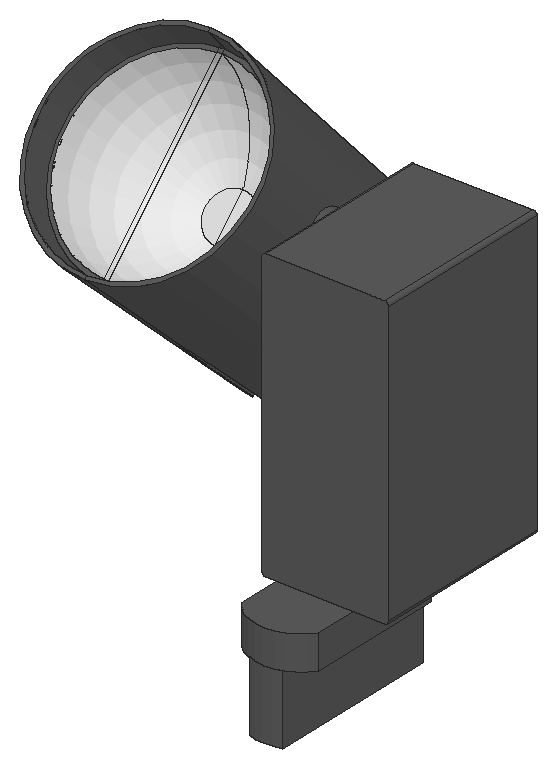
Revit family "0004939 Feilo Sylvania Lighting Fixture START TRACK SPOT S DALI 1262LM 930 MB BLK", category Lighting Fixtures, host Face, Revit 2017 (continued)
Definition of nested family "Start Track Spot Head"
  Types (96, lengths in mm): name | Wattage | built-in parameter 1150134 | Photometric Web File | Model | built-in parameter 1150105 | Lumens | built-in parameter 1150107 | built-in parameter 1150106 | HeadThickness_FEILO | HeadRibOffset_FEILO | HeadRibDepth_FEILO | HeadRibCutWidth_FEILO | HeadRibCutOffset_FEILO | HeadReflectorRadius_FEILO | HeadReflectorOffset_FEILO | HeadLEDRadius_FEILO | HeadHeight_FEILO | HeadDiffusorOffset_FEILO | HeadDiaOut_FEILO | HeadDiaIn_FEILO | HeadAxisFromTop_FEILO | Emit from Circle Diameter | built-in parameter 1150104 | Description | Apparent Load
    0004812 START TRACK SPOT S 14W 3K RA80 MB WHITE | 14 W | (empty or 0) | "0004812.ies" | "START TRACK SPOT S 14W 3K RA80 MB WHITE" | 120.32 (stored number, unit not read) | 1512 lm | 3000 (stored number, unit not read) | 1.2032 (stored number, unit not read) | 1.5 | 4.179 | 55.714 | 7.167 | 50.87 | 50.588 | 55.714 | 9.556 | 117 | 9.435 | 86 | 77.477 | 69.354 | 77.477 | 10.034 (stored number, unit not read) | "Integrated LED spotlight, Textured White - RAL9016, compact and minimalist design, ideal for retail applications, die-cast aluminium body, passive cooling heatsink. Beam angle: 36°, color temperature: 3000K , total system power: 14W, total fixture output: 1508 lm, LOR: 100%, colour rendering: Ra: 80 typical, LED Chromaticity: 3 step MacAdam ellipse, lifetime: >50000 hours at L70B50, energy class: A++, A+, A, IR/UV free light source without heat radiation, operating voltage: 220-240V / 50-60Hz, drive current: 350mA, electronic driver, non-dimmable, power factor: 0.92, electrical protection: Class II, Global Track 3 Phase adapter suitable for Global trac 3-circuit tracks, ingress protection rating: IP20, suitable for internal environment only, horizontal rotation: 355°, vertical tilt: 90°, dimensions: Ø86x140x200, weight: 0.940kg." | 14 VA
    0004811 START TRACK SPOT S 14W 3K RA80 NB WHITE | 14 W | (empty or 0) | "0004811.ies" | "START TRACK SPOT S 14W 3K RA80 NB WHITE" | 123.66 (stored number, unit not read) | 1554 lm | 3000 (stored number, unit not read) | 1.2366 (stored number, unit not read) | 1.5 | 4.179 | 55.714 | 7.167 | 50.87 | 50.588 | 55.714 | 9.556 | 117 | 9.435 | 86 | 77.477 | 69.354 | 77.477 | 10.312 (stored number, unit not read) | "Integrated LED spotlight, Textured White - RAL9016, compact and minimalist design, ideal for retail applications, die-cast aluminium body, passive cooling heatsink. Beam angle: 12°, color temperature: 3000K , total system power: 14W, total fixture output: 1551 lm, LOR: 100%, colour rendering: Ra: 80 typical, LED Chromaticity: 3 step MacAdam ellipse, lifetime: >50000 hours at L70B50, energy class: A++, A+, A, IR/UV free light source without heat radiation, operating voltage: 220-240V / 50-60Hz, drive current: 350mA, electronic driver, non-dimmable, power factor: 0.92, electrical protection: Class II, Global Track 3 Phase adapter suitable for Global trac 3-circuit tracks, ingress protection rating: IP20, suitable for internal environment only, horizontal rotation: 355°, vertical tilt: 90°, dimensions: Ø86x140x200, weight: 0.940kg." | 14 VA
  Reference planes
    plane 1 "Center (Front/Back)": y = 0
    plane 2: z = 0
    plane 3 "Center (Left/Right)": x = 0
    plane 4: x = 43
    plane 5: x = -43
    plane 6: x = -38.739
    plane 7: x = 38.739
    plane 8: z = 69.354
    plane 9: z = -47.646
    plane 10: x = -41.5
    plane 11: x = -37.239
    plane 12: z = -38.211
    plane 13: z = -35.211
    plane 14: z = 8.068
    plane 15: x = -9.556
    plane 16: x = -28.667
    plane 17: x = -19.111
    plane 18: x = -27.167
    plane 19: x = -17.611
    plane 20: x = -8.056
    plane 21: z = 13.64
    plane 22: x = -29.667
    plane 23: x = -26.167
    plane 24: x = -20.111
    plane 25: x = -16.611
    plane 26: x = -10.556
    plane 27: x = -7.056
    plane 28: x = -36.239
    plane 29: x = -40.5
    plane 30: z = 65.175
    plane 31: z = 60.997
    plane 32: z = 56.818
    plane 33: z = 18.484
    plane 34: y = -43
    plane 35: y = 43
    plane 36: y = 3.583
    plane 37: y = -3.583
    plane 38: y = -2.583
    plane 39: y = 2.583
    plane 40: y = 46
    plane 41: z = 13.5
    plane 42: z = -13.5
    plane 43: y = 39
    plane 44: x = 4.708
    plane 45: x = -2.458
    plane 46: x = -1.458
    plane 47: x = 1.458
  Forms (mm)
    Extrusion 1, solid
      sketch origin (4.2, 0, 0) x (1, 0, 0) y (0, 1, 0)
        loop
          line (-1219.2, 1219.2) -> (-1219.2, -1219.2) -> (1219.2, -1219.2) -> (1219.2, 1219.2) -> (-1219.2, 1219.2)
      from 0 to -68.017
    Revolve 2, solid, material <- "Material_1_FEILO", detail levels medium+fine
      sketch origin (0, 0, 0) x (1, 0, 0) y (0, 0, 1)
        loop
          line (-43, -47.646) -> (-41.5, -47.646) -> (-40.5, -35.211) -> (-38.739, -35.211)
          arc (-38.739, -35.211) -> (-30.16, -9.517) -> (-9.556, 8.068) r 50.588
          line (-9.556, 8.068) -> (0, 8.068) -> (0, 13.64) -> (-16.611, 13.64) -> (-17.611, 60.997) -> (-19.111, 60.997) -> (-20.111, 13.64) -> (-36.239, 13.64) -> (-37.239, 69.354) -> (-38.739, 69.354) -> (-43, -47.646)
        axis (0, 69.354) -> (0, -47.646)
      angle from 360 to 0
    Extrusion 3, void
      sketch origin (0, 0, 0) x (0, 1, 0) y (0, 0, 1)
        loop
          line (-3.583, 69.354) -> (-2.583, 18.484) -> (1.932, 18.484) -> (2.932, 69.354) -> (-3.583, 69.354)
      from 43 to -43
    Revolve 4, solid, material <- "Material_2_FEILO", detail levels medium+fine
      sketch origin (0, 0, 0) x (1, 0, 0) y (0, 0, 1)
        loop
          line (-41.5, -38.211) -> (0, -38.211) -> (0, -35.211) -> (-41.5, -35.211) -> (-41.5, -38.211)
        axis (0, -35.211) -> (0, -38.211)
      angle from 360 to 0
    Revolve 5, solid, material <- "Material_1_FEILO"
      sketch origin (0, 0, 0) x (0, 1, 0) y (0, 0, 1)
        loop
          line (46, 0) -> (39, 0) -> (39, -13.5) -> (46, -13.5) -> (46, 0)
        axis (39, 0) -> (46, 0)
      angle from 360 to 0
    Revolve 6, solid, material <- "Material_1_FEILO", detail levels medium+fine
      sketch origin (0, 0, 0) x (1, 0, 0) y (0, 0, 1)
        loop
          line (-29.667, 13.64) -> (-26.167, 13.64) -> (-27.167, 65.175) -> (-28.667, 65.175) -> (-29.667, 13.64)
        loop
          line (-10.556, 13.64) -> (-7.056, 13.64) -> (-7.833, 56.818) -> (-9.778, 56.818) -> (-10.556, 13.64)
        axis (0, 65.175) -> (0, 13.64)
      angle from 360 to 0
    Extrusion 7, void
      sketch origin (0, 0, 0) x (1, 0, 0) y (0, 0, 1)
        loop
          line (4.708, 69.354) -> (-2.458, 69.354) -> (-1.458, 13.64) -> (1.458, 13.64) -> (4.708, 69.354)
      from -43 to 43
    Revolve 8, solid, material <- "Material_1_FEILO", detail levels coarse
      sketch origin (0, 0, 0) x (1, 0, 0) y (0, 0, 1)
        loop
          line (0, 69.354) -> (-38.739, 69.354) -> (-43, -47.646) -> (-41.5, -47.646) -> (-40.731, -38.211) -> (0, -38.211) -> (0, 69.354)
        axis (0, 69.354) -> (0, -47.646)
      angle from 360 to 0
  Cuts and joins
    Extrusion 3 cuts Revolve 2
    Extrusion 7 cuts Revolve 6
  Dimensions and locks
    equal spacing: plane 7, plane 3 "Center (Left/Right)", plane 6
    equal spacing: plane 4, plane 3 "Center (Left/Right)", plane 5
    "HeadDiaOut_FEILO": plane 4 to plane 5
    "HeadDiaIn_FEILO": plane 7 to plane 6
    "HeadHeight_FEILO": plane 8 to plane 9
    "HeadThickness_FEILO": plane 10 to plane 5
    "HeadThickness_FEILO": plane 11 to plane 6
    "HeadDiffusorOffset_FEILO": plane 12 to plane 9
    "HeadDiffusorThickness_FEILO": plane 13 to plane 12
    "HeadReflectorOffset_FEILO": plane 14 to plane 9
    "HeadLEDRadius_FEILO": plane 3 "Center (Left/Right)" to plane 15
    "HeadLEDRadius_FEILO": plane 15 to plane 17
    "HeadLEDRadius_FEILO": plane 17 to plane 16
    "HeadThickness_FEILO": plane 18 to plane 16
    "HeadThickness_FEILO": plane 19 to plane 17
    "HeadThickness_FEILO": plane 20 to plane 15
    "HeadRibDepth_FEILO": plane 8 to plane 21
    "HeadDraft_FEILO": plane 16 to plane 22
    "HeadDraft_FEILO": plane 23 to plane 18
    "HeadDraft_FEILO": plane 17 to plane 24
    "HeadDraft_FEILO": plane 25 to plane 19
    "HeadDraft_FEILO": plane 15 to plane 26
    "HeadDraft_FEILO": plane 27 to plane 20
    "HeadDraft_FEILO": plane 29 to plane 10
    "HeadDraft_FEILO": plane 28 to plane 11
    "HeadRibOffset_FEILO": plane 8 to plane 30
    "HeadRibOffset_FEILO": plane 30 to plane 31
    "HeadRibOffset_FEILO": plane 31 to plane 32
    "HeadAxisFromTop_FEILO": plane 8 to plane 2
    "HeadRibCutOffset_FEILO": plane 8 to plane 33
    equal spacing: plane 34, plane 1 "Center (Front/Back)", plane 35
    "HeadDiaOut_FEILO": plane 34 to plane 35
    equal spacing: plane 38, plane 1 "Center (Front/Back)", plane 39
    equal spacing: plane 37, plane 1 "Center (Front/Back)", plane 36
    "HeadRibCutWidth_FEILO": plane 37 to plane 36
    "HeadDraft_FEILO": plane 37 to plane 38
    locked: plane 35 to plane 40 at 3
    equal spacing: plane 41, plane 2, plane 42
    locked: plane 42 to plane 41 at 27
    locked: plane 43 to plane 35 at 4
    equal spacing: plane 45, imposter light, plane 44
    "HeadDraft_FEILO": plane 46 to plane 45
    "HeadRibCutWidth_FEILO": plane 44 to plane 45
    equal spacing: plane 47, plane 3 "Center (Left/Right)", plane 46
    "HeadReflectorRadius_FEILO": radius of Revolve 2 sketch curve
    aligned and locked: plane 2 to Extrusion 1
    aligned and locked: level to Extrusion 1
    aligned and locked: Revolve 2 sketch curve to plane 3 "Center (Left/Right)"  (x2)
    aligned and locked: plane 9 to Revolve 2 sketch curve  (x2)
    aligned and locked: plane 5 to Revolve 2 sketch curve
    aligned and locked: plane 10 to Revolve 2 sketch curve
    aligned and locked: plane 14 to Revolve 2 sketch curve
    aligned and locked: plane 8 to Revolve 2 sketch curve
    aligned and locked: Revolve 2 sketch curve to plane 13
    aligned and locked: plane 12 to Revolve 4 sketch curve
    aligned and locked: plane 3 "Center (Left/Right)" to Revolve 4 sketch curve
    aligned and locked: Revolve 4 sketch curve to plane 10
    aligned and locked: Revolve 4 sketch curve to plane 3 "Center (Left/Right)"
    aligned and locked: plane 12 to imposter light
    aligned and locked: imposter light to plane 1 "Center (Front/Back)"
    aligned and locked: Revolve 5 sketch curve to plane 2
    aligned and locked: plane 43 to Revolve 5 sketch curve
    aligned and locked: plane 42 to Revolve 5 sketch curve
    aligned and locked: Revolve 6 sketch curve to plane 3 "Center (Left/Right)"
    aligned and locked: plane 22 to Revolve 6 sketch curve
    aligned and locked: plane 30 to Revolve 6 sketch curve
    aligned and locked: plane 23 to Revolve 6 sketch curve
    aligned and locked: Revolve 6 sketch curve to plane 21  (x2)
    aligned and locked: plane 21 to Revolve 6 sketch curve
    aligned and locked: plane 17 to Revolve 2 sketch curve
    aligned and locked: plane 19 to Revolve 2 sketch curve
    aligned and locked: plane 31 to Revolve 2 sketch curve
    aligned and locked: plane 21 to Revolve 2 sketch curve
    aligned and locked: Extrusion 3 to plane 8
    aligned and locked: plane 33 to Extrusion 3
    aligned and locked: plane 8 to Extrusion 3 sketch curve
    aligned and locked: Extrusion 3 sketch curve to plane 33
    aligned and locked: Extrusion 3 to plane 5
    aligned and locked: plane 4 to Extrusion 3
    aligned and locked: plane 32 to Revolve 6 sketch curve
    aligned and locked: plane 44 to Extrusion 7 sketch curve
    aligned and locked: Extrusion 7 sketch curve to plane 8
    aligned and locked: plane 46 to Extrusion 7 sketch curve
    aligned and locked: plane 21 to Extrusion 7 sketch curve
    aligned and locked: plane 34 to Extrusion 7
    aligned and locked: Extrusion 7 to plane 35
    aligned and locked: Revolve 4 sketch curve to plane 13
    aligned and locked: Revolve 5 sketch curve to plane 40
    aligned and locked: Revolve 8 sketch curve to plane 3 "Center (Left/Right)"
    aligned and locked: Revolve 8 sketch curve to cut or joined group of Revolve 2, Extrusion 3  (x3)
    aligned and locked: plane 5 to Revolve 8 sketch curve
    aligned and locked: plane 3 "Center (Left/Right)" to Revolve 8 sketch curve
    aligned and locked: plane 12 to Revolve 8 sketch curve
  Automatic sketch dimensions
    Extrusion 1 sketch curve to Extrusion 1 sketch curve = 2438.4 mm  (x2)
    Extrusion 3 sketch curve to plane 37 = 0 mm
    Extrusion 3 sketch curve to plane 38 = 0 mm
    plane 39 to Extrusion 3 sketch curve = 0.651 mm
    Extrusion 3 sketch curve to plane 39 = 0.349 mm
    Revolve 6 sketch curve to plane 16 = 0 mm
    Revolve 6 sketch curve to plane 18 = 0 mm
    Revolve 6 sketch curve to plane 26 = 0 mm
    Revolve 6 sketch curve to plane 27 = 0 mm
    Revolve 6 sketch curve to plane 15 = 0.222 mm
    plane 9 to Revolve 6 sketch curve = 559.103 mm
    Revolve 6 sketch curve to plane 8 = 2535.555 mm
    plane 20 to Revolve 6 sketch curve = 0.222 mm
    Revolve 2 sketch curve to plane 29 = 0 mm
    Revolve 2 sketch curve to plane 6 = 0 mm  (x2)
    Revolve 2 sketch curve to plane 11 = 0 mm
    Revolve 2 sketch curve to plane 21 = 0 mm
    Revolve 2 sketch curve to plane 28 = 0 mm
    Revolve 2 sketch curve to plane 24 = 0 mm
    Revolve 2 sketch curve to plane 25 = 0 mm
    Revolve 2 sketch curve to plane 15 = 0 mm
    Revolve 2 sketch curve to Revolve 2 sketch curve = 557.155 mm
    Revolve 2 sketch curve to plane 8 = 2535.558 mm
    Extrusion 7 sketch curve to plane 45 = 0 mm
    Extrusion 7 sketch curve to plane 47 = 0 mm
    plane 9 to Revolve 4 sketch curve = 559.103 mm
    Revolve 4 sketch curve to plane 8 = 2535.555 mm
    Revolve 5 sketch curve to level = 0 mm
    plane 34 to Revolve 5 sketch curve = 1968.092 mm
    Revolve 5 sketch curve to plane 40 = 1405.763 mm
    Revolve 8 sketch curve to plane 6 = 0 mm
    Revolve 8 sketch curve to plane 29 = 0.231 mm
    plane 9 to Revolve 8 sketch curve = 559.103 mm
    Revolve 8 sketch curve to Revolve 8 sketch curve = 2535.555 mm
Definition of nested family "Start Track Spot Box"
  Parameters (values of type "Type Large White")
    URL = "http://www.feilosylvania.com"
    Type Image = (empty or 0)
    Type Comments = "n/a"
    Small_FEILO = no
    Material_3_FEILO = none
    Model = ""
    Manufacturer = "Feilo Sylvania"
    Keynote = ""
    Material_2_FEILO = none
    Description = ""
    Default Elevation = 1219.2 mm
    Cost = 0
    Material_1_FEILO = none
    BoxWidth_FEILO = 49 mm
    BoxStartAngle_FEILO [instance] = 0.00°
    BoxRadius_FEILO = 1.5 mm
    BoxHeight_FEILO = if(Small_FEILO, 112 mm, 136 mm)  # 136 mm
    BoxEndAngle_FEILO [instance] = BoxStartAngle_FEILO - 180.00°  # -180.00°
    BoxDepth_FEILO = if(Small_FEILO, 71.5 mm, 79 mm)  # 79 mm
    BoxAxisVerticalOffset_FEILO = 16 mm
    BoxAxisOffset_FEILO = BoxHeight_FEILO / 6.8  # 20 mm
    Assembly Code = ""
    Material_4_FEILO = none
  Types (4, lengths in mm): name | Small_FEILO | BoxHeight_FEILO | BoxDepth_FEILO | BoxAxisOffset_FEILO
    Type Large White | no | 136 | 79 | 20
    Type Small White | yes | 112 | 71.5 | 16.471
    Type Small Black | yes | 112 | 71.5 | 16.471
    Type Large Black | no | 136 | 79 | 20
  Reference planes
    plane 1 "Center (Front/Back)": y = 0
    plane 2: z = 0
    plane 3 "Center (Left/Right)": x = 0
    plane 4: x = 24.5
    plane 5: x = -24.5
    plane 6: y = 68
    plane 7: y = -68
    plane 8: z = 39.5
    plane 9: z = -39.5
    plane 10: y = -48
    plane 11: x = 30.5
    plane 12: x = 8.5
    plane 13: x = 21.5
    plane 14: y = 70
    plane 15: y = 72
    plane 16: x = 19.5
  Forms (mm)
    Extrusion 1, solid
      sketch origin (4.2, 0, 0) x (1, 0, 0) y (0, 1, 0)
        loop
          line (-1219.2, 1219.2) -> (-1219.2, -1219.2) -> (1219.2, -1219.2) -> (1219.2, 1219.2) -> (-1219.2, 1219.2)
      from 0 to -68.017
    Extrusion 2, solid, material <- "Material_1_FEILO"
      sketch origin (0, 0, 0) x (1, 0, 0) y (0, 1, 0)
        loop
          arc (-23, 68) -> (-24.061, 67.561) -> (-24.5, 66.5) r 1.5
          line (-24.5, 66.5) -> (-24.5, -66.5)
          arc (-24.5, -66.5) -> (-24.061, -67.561) -> (-23, -68) r 1.5
          line (-23, -68) -> (23, -68)
          arc (23, -68) -> (24.061, -67.561) -> (24.5, -66.5) r 1.5
          line (24.5, -66.5) -> (24.5, 66.5)
          arc (24.5, 66.5) -> (24.061, 67.561) -> (23, 68) r 1.5
          line (23, 68) -> (-23, 68)
      from -39.5 to 39.5
    Revolve 3, solid, not visible
      sketch origin (0, 0, 0) x (1, 0, 0) y (0, 1, 0)
        loop
          line (30.5, -48) -> (24.5, -48) -> (24.5, -68) -> (30.5, -68) -> (30.5, -48)
        axis (30.5, -48) -> (24.5, -48)
      angle from 0 <- "BoxStartAngle_FEILO" to -180 <- "BoxEndAngle_FEILO"
    Revolve 4, solid, material <- "Material_2_FEILO"
      sketch origin (0, 0, 0) x (1, 0, 0) y (0, 1, 0)
        loop
          line (8.5, 68) -> (19.5, 68) -> (19.5, 70) -> (21.5, 70) -> (21.5, 72) -> (8.5, 72) -> (8.5, 68)
        axis (8.5, 72) -> (8.5, 68)
      angle from 360 to 0
  Dimensions and locks
    equal spacing: plane 5, plane 3 "Center (Left/Right)", plane 4
    "BoxWidth_FEILO": plane 5 to plane 4
    equal spacing: plane 7, plane 1 "Center (Front/Back)", plane 6
    "BoxHeight_FEILO": plane 7 to plane 6
    equal spacing: plane 8, plane 2, plane 9
    "BoxDepth_FEILO": plane 8 to plane 9
    "BoxAxisOffset_FEILO": plane 7 to plane 10
    locked: plane 4 to plane 11 at 6
    "BoxAxisVerticalOffset_FEILO": plane 12 to plane 4
    locked: plane 12 to plane 13 at 13
    plane 6 to plane 14 to plane 15 = 2 mm locked, 2 mm locked
    locked: plane 12 to plane 16 at 11
    "BoxRadius_FEILO": radius of Extrusion 2 sketch curve  (x4)
    aligned and locked: plane 2 to Extrusion 1
    aligned and locked: level to Extrusion 1
    aligned and locked: plane 6 to Extrusion 2 sketch curve
    aligned and locked: plane 5 to Extrusion 2 sketch curve
    aligned and locked: Extrusion 2 sketch curve to plane 7
    aligned and locked: Extrusion 2 sketch curve to plane 4
    aligned and locked: Extrusion 2 to plane 8
    aligned and locked: plane 9 to Extrusion 2
    aligned and locked: Revolve 3 sketch curve to plane 10  (x2)
    aligned and locked: plane 11 to Revolve 3 sketch curve
    aligned and locked: Revolve 3 sketch curve to plane 4
    aligned and locked: plane 7 to Revolve 3 sketch curve
    aligned and locked: Revolve 4 sketch curve to plane 12
    aligned and locked: plane 6 to Revolve 4 sketch curve
    aligned and locked: plane 12 to Revolve 4 sketch curve
    aligned and locked: plane 15 to Revolve 4 sketch curve
    aligned and locked: Revolve 4 sketch curve to plane 13
    aligned and locked: Revolve 4 sketch curve to plane 14
    aligned and locked: Revolve 4 sketch curve to plane 16
    aligned and locked: Revolve 4 sketch curve to plane 6
  Automatic sketch dimensions
    Extrusion 1 sketch curve to Extrusion 1 sketch curve = 2438.4 mm  (x2)
    Revolve 3 sketch curve to plane 5 = 1499.5 mm
    plane 11 to Revolve 3 sketch curve = 1493.5 mm
    plane 15 to Revolve 4 sketch curve = 0 mm
    plane 7 to Revolve 4 sketch curve = 1456 mm
    Revolve 4 sketch curve to plane 15 = 1452 mm
